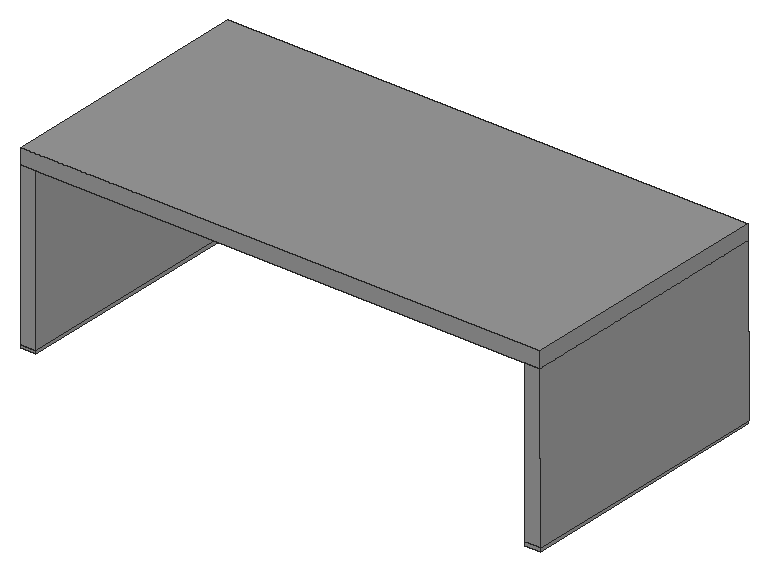
Revit family "Cocoon Community Table 42x84x29", category Generic Models, Revit 2018
Family settings
  Can host rebar = No
  Round Connector Dimension = Use Diameter
  Part Type = Normal
  Work Plane-Based = No
  Always vertical = Yes
  Cut with Voids When Loaded = No
  Shared = No
  Room Calculation Point = No
Parameters
  Frame = Cocoon Community Table 42x84x29 Frame
  Surface = Cocoon Community Table 42x84x29 Surface
Reference planes (in)
  plane 1 "Center (Front/Back)": y = 0
  plane 2: z = 0
  plane 3 "Center (Left/Right)": x = 0
Forms (in)
  Extrusion 1, solid, material "Cocoon Community Table 42x84x29 Frame" <- "Frame"
    sketch origin (0, 0, 0) x (1, 0, 0) y (0, 0, 1)
      loop
        line (-42, 0.5) -> (-42, 0) -> (-39.5, 0) -> (-39.5, 0.5) -> (-42, 0.5)
      loop
        line (42, 0.5) -> (39.5, 0.5) -> (39.5, 0) -> (42, 0) -> (42, 0.5)
    from -21 to 21
  Extrusion 2, solid, material "Cocoon Community Table 42x84x29 Surface" <- "Surface"
    sketch origin (0, 0, 0) x (1, 0, 0) y (0, 0, 1)
      loop
        line (-42, 29) -> (-42, 26.5) -> (42, 26.5) -> (42, 29) -> (-42, 29)
    from -21 to 21
  Extrusion 3, solid, material "Cocoon Community Table 42x84x29 Frame" <- "Frame"
    sketch origin (0, 0, 0) x (1, 0, 0) y (0, 0, 1)
      loop
        line (-42, 26.5) -> (-42, 0.5) -> (-39.5, 0.5) -> (-39.5, 26.5) -> (-42, 26.5)
      loop
        line (39.5, 26.5) -> (39.5, 0.5) -> (42, 0.5) -> (42, 26.5) -> (39.5, 26.5)
    from -21 to 21
  Extrusion 4, solid, material "Cocoon Community Table 42x84x29 Frame" <- "Frame"
    sketch origin (0, -90.74848, -21.58144) x (0, 1, 0) y (0, 0, 1)
      loop
        line (91.99848, 48.08144) -> (89.49848, 48.08144) -> (89.49848, 36.08144) -> (91.99848, 36.08144) -> (91.99848, 48.08144)
    from -39.5 to 39.5
Dimensions and locks (in)
  aligned and locked: plane 2 to level
